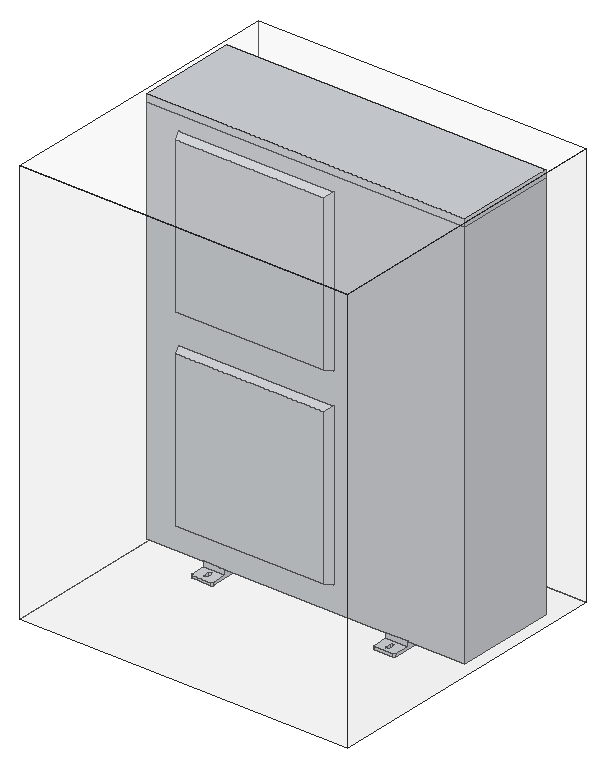
Revit family "puz-hrmp80160ka8_60hz", category 機械設備, Revit 2019 (continued)
Definition of nested family "PUZ-ZRMP-3"
  Dimensions and locks
    aligned and locked: plane 50 to curve 2
    aligned and locked: plane 50 to curve 20
    aligned and locked: plane 57 to Extrusion 5 sketch curve
    aligned and locked: plane 53 to Extrusion 5 sketch curve
    aligned and locked: plane 58 to Extrusion 6 sketch curve
    aligned and locked: plane 56 to Extrusion 6 sketch curve
    aligned and locked: plane 61 to Extrusion 7 sketch curve
    aligned and locked: plane 54 to Extrusion 7 sketch curve
    aligned and locked: plane 55 to Extrusion 7
    aligned and locked: Extrusion 7 to plane 62
    aligned and locked: plane 64 to Extrusion 6
    aligned and locked: plane 63 to Extrusion 5
    aligned and locked: Extrusion 6 to plane 60
    aligned and locked: Extrusion 5 to plane 59
    aligned and locked: plane 66 to Extrusion 8 sketch curve
    aligned and locked: plane 65 to Extrusion 8 sketch curve
    aligned and locked: Extrusion 8 to plane 60
    aligned and locked: plane 64 to Extrusion 8
    aligned and locked: Blend 9 sketch curve to plane 71
    aligned and locked: Blend 9 sketch curve to plane 72
    aligned and locked: Blend 9 sketch curve to plane 42
    aligned and locked: Blend 9 sketch curve to plane 41
    aligned and locked: plane 45 to Blend 9 sketch curve
    aligned and locked: Blend 9 sketch curve to plane 46
    aligned and locked: Blend 9 sketch curve to plane 73
    aligned and locked: plane 74 to Blend 9 sketch curve
    aligned and locked: Blend 9 to plane 8
    aligned and locked: plane 38 to Blend 9
    aligned and locked: plane 22 to Extrusion 10 sketch curve
    aligned and locked: plane 21 to Extrusion 10 sketch curve
    aligned and locked: Extrusion 10 sketch curve to Extrusion 1  (x4)
    aligned and locked: Extrusion 10 sketch curve to plane 23
    aligned and locked: Extrusion 10 sketch curve to plane 20
    aligned and locked: plane 24 to Extrusion 10
    aligned and locked: Extrusion 10 to level
    aligned and locked: plane 25 to Extrusion 11
    aligned and locked: Extrusion 11 to plane 26
    aligned and locked: Masking region 1 sketch curve to Extrusion 3  (x4)
    aligned and locked: Masking region 1 sketch curve to cut or joined group of Extrusion 1, Extrusion 10  (x8)
    aligned and locked: Masking region 1 sketch curve to Blend 9  (x3)
    aligned and locked: plane 51 to Extrusion 11 sketch curve
    aligned and locked: plane 52 to Extrusion 11 sketch curve
    aligned and locked: plane 76 to Extrusion 11 sketch curve
    aligned and locked: plane 77 to Extrusion 11 sketch curve
    aligned and locked: plane 78 to Extrusion 11 sketch curve
    aligned and locked: plane 79 to Extrusion 11 sketch curve
    aligned and locked: plane 75 to Extrusion 11 sketch curve  (x4)
  Automatic sketch dimensions
    plane 7 to Extrusion 1 sketch curve = 0 mm  (x2)
    Extrusion 1 sketch curve to plane 18 = 0 mm
    plane 8 to Extrusion 1 sketch curve = 0 mm  (x2)
    Extrusion 1 sketch curve to plane 19 = 0 mm
    Extrusion 1 sketch curve to plane 20 = 0 mm
    Extrusion 1 sketch curve to plane 21 = 0 mm
    curve 187 to curve 188 = 40 mm
    curve 186 to curve 190 = 13.333 mm
    curve 190 to curve 190 = 40 mm
    curve 186 to curve 193 = 0 mm
    curve 186 to curve 188 = 40 mm
    curve 188 to curve 191 = 0 mm
    curve 179 to curve 180 = 40 mm
    curve 178 to curve 182 = 120 mm
    curve 182 to curve 182 = 40 mm
    curve 178 to curve 185 = 0 mm
    curve 178 to curve 180 = 40 mm
    curve 182 to curve 183 = 40 mm
    curve 25 to plane 45 = 0 mm
    curve 24 to plane 45 = 0 mm
    curve 22 to plane 45 = 0 mm
    curve 23 to plane 45 = 0 mm
    curve 26 to plane 45 = 0 mm
    curve 21 to plane 45 = 0 mm
    curve 24 to plane 46 = 0 mm
    curve 25 to plane 46 = 0 mm
    curve 26 to plane 46 = 0 mm
    curve 23 to plane 46 = 0 mm
    curve 22 to plane 46 = 0 mm
    curve 21 to plane 46 = 0 mm
    curve 37 to plane 48 = 0 mm
    curve 52 to plane 48 = 0 mm
    curve 51 to plane 48 = 0 mm
    curve 50 to plane 48 = 0 mm
    curve 49 to plane 48 = 0 mm
    curve 48 to plane 48 = 0 mm
    curve 47 to plane 48 = 0 mm
    curve 46 to plane 48 = 0 mm
    curve 45 to plane 48 = 0 mm
    curve 44 to plane 48 = 0 mm
    curve 43 to plane 48 = 0 mm
    curve 42 to plane 48 = 0 mm
    curve 41 to plane 48 = 0 mm
    curve 27 to plane 48 = 0 mm
    curve 28 to plane 48 = 0 mm
    curve 40 to plane 48 = 0 mm
    curve 39 to plane 48 = 0 mm
    curve 29 to plane 48 = 0 mm
    curve 38 to plane 48 = 0 mm
    curve 30 to plane 48 = 0 mm
    curve 53 to plane 48 = 0 mm
    curve 31 to plane 48 = 0 mm
    curve 36 to plane 48 = 0 mm
    curve 32 to plane 48 = 0 mm
    curve 35 to plane 48 = 0 mm
    curve 33 to plane 48 = 0 mm
    curve 34 to plane 48 = 0 mm
    curve 28 to plane 47 = 0 mm
    curve 41 to plane 47 = 0 mm
    curve 27 to plane 47 = 0 mm
    curve 42 to plane 47 = 0 mm
    curve 31 to plane 47 = 0 mm
    curve 40 to plane 47 = 0 mm
    curve 37 to plane 47 = 0 mm
    curve 39 to plane 47 = 0 mm
    curve 32 to plane 47 = 0 mm
    curve 45 to plane 47 = 0 mm
    curve 36 to plane 47 = 0 mm
    curve 46 to plane 47 = 0 mm
    curve 43 to plane 47 = 0 mm
    curve 47 to plane 47 = 0 mm
    curve 29 to plane 47 = 0 mm
    curve 48 to plane 47 = 0 mm
    curve 30 to plane 47 = 0 mm
    curve 49 to plane 47 = 0 mm
    curve 44 to plane 47 = 0 mm
    curve 50 to plane 47 = 0 mm
    curve 33 to plane 47 = 0 mm
    curve 51 to plane 47 = 0 mm
    curve 35 to plane 47 = 0 mm
    curve 52 to plane 47 = 0 mm
    curve 38 to plane 47 = 0 mm
    curve 53 to plane 47 = 0 mm
    curve 34 to plane 47 = 0 mm
    plane 13 to curve 304 = 138 mm
    curve 304 to plane 46 = 0 mm
    curve 307 to plane 45 = 0 mm
    curve 306 to plane 45 = 0 mm
    curve 303 to plane 45 = 0 mm
    curve 308 to plane 45 = 0 mm
    curve 303 to plane 46 = 0 mm
    curve 306 to plane 46 = 0 mm
    curve 307 to plane 46 = 0 mm
    curve 308 to plane 46 = 0 mm
    curve 309 to plane 45 = 0 mm
    curve 309 to plane 46 = 0 mm
    curve 305 to plane 74 = 0 mm
    curve 305 to plane 73 = 0 mm
    curve 310 to plane 74 = 0 mm
    curve 310 to plane 73 = 0 mm
    curve 311 to plane 73 = 0 mm
    curve 311 to plane 74 = 0 mm
    curve 312 to plane 74 = 0 mm
    curve 312 to plane 73 = 0 mm
    curve 313 to plane 74 = 0 mm
    curve 313 to plane 73 = 0 mm
    curve 314 to plane 73 = 0 mm
    curve 314 to plane 74 = 0 mm
    curve 315 to plane 74 = 0 mm
    curve 315 to plane 73 = 0 mm
    curve 316 to plane 73 = 0 mm
    curve 316 to plane 74 = 0 mm
    curve 317 to plane 74 = 0 mm
    curve 317 to plane 73 = 0 mm
    curve 318 to plane 74 = 0 mm
    curve 318 to plane 73 = 0 mm
    curve 319 to plane 74 = 0 mm
    curve 319 to plane 73 = 0 mm
    curve 320 to plane 74 = 0 mm
    curve 320 to plane 73 = 0 mm
    curve 321 to plane 74 = 0 mm
    curve 321 to plane 73 = 0 mm
    curve 322 to plane 73 = 0 mm
    curve 322 to plane 74 = 0 mm
    curve 323 to plane 73 = 0 mm
    curve 323 to plane 74 = 0 mm
    curve 324 to plane 73 = 0 mm
    curve 324 to plane 74 = 0 mm
    curve 325 to plane 74 = 0 mm
    curve 325 to plane 73 = 0 mm
    curve 326 to plane 74 = 0 mm
    curve 326 to plane 73 = 0 mm
    curve 327 to plane 74 = 0 mm
    curve 327 to plane 73 = 0 mm
    curve 328 to plane 74 = 0 mm
    curve 328 to plane 73 = 0 mm
    curve 329 to plane 74 = 0 mm
    curve 329 to plane 73 = 0 mm
    curve 330 to plane 74 = 0 mm
    curve 330 to plane 73 = 0 mm
    curve 331 to plane 74 = 0 mm
    curve 331 to plane 73 = 0 mm
    curve 332 to plane 73 = 0 mm
    curve 332 to plane 74 = 0 mm
    curve 333 to plane 74 = 0 mm
    curve 333 to plane 73 = 0 mm
    curve 334 to plane 73 = 0 mm
    curve 334 to plane 74 = 0 mm
    curve 335 to plane 74 = 0 mm
    curve 335 to plane 73 = 0 mm
    Extrusion 10 sketch curve to plane 18 = 0 mm  (x2)
    plane 8 to Extrusion 10 sketch curve = 0 mm
    plane 23 to Extrusion 10 sketch curve = 0 mm
    plane 22 to Extrusion 10 sketch curve = 0 mm  (x3)
    plane 16 to Extrusion 10 sketch curve = 0 mm  (x3)
    plane 17 to Extrusion 10 sketch curve = 0 mm  (x3)
    Extrusion 10 sketch curve to plane 15 = 0 mm  (x2)
    Extrusion 10 sketch curve to plane 19 = 0 mm  (x2)
    Extrusion 10 sketch curve to plane 14 = 0 mm  (x2)
    plane 7 to Extrusion 10 sketch curve = 0 mm
    Extrusion 10 sketch curve to plane 18 = 5 mm
    plane 15 to Extrusion 10 sketch curve = 6 mm  (x2)
    plane 19 to Extrusion 10 sketch curve = 5 mm
    Extrusion 10 sketch curve to plane 20 = 5 mm
    plane 14 to Extrusion 10 sketch curve = 6 mm  (x2)
    plane 21 to Extrusion 10 sketch curve = 5 mm
    plane 38 to Extrusion 10 sketch curve = 10 mm  (x2)
    plane 19 to Masking region 1 sketch curve = 0 mm
    plane 21 to Masking region 1 sketch curve = 0 mm
    plane 7 to Masking region 1 sketch curve = 0 mm  (x2)
    Masking region 1 sketch curve to plane 20 = 0 mm
    Masking region 1 sketch curve to plane 18 = 0 mm
    plane 8 to Masking region 1 sketch curve = 0 mm  (x2)
    plane 38 to Masking region 1 sketch curve = 0 mm
    curve 352 to plane 6 = 0 mm
    plane 7 to curve 352 = 0 mm
    curve 353 to plane 18 = 0 mm
    curve 348 to plane 18 = 0 mm
    plane 8 to curve 346 = 0 mm
    curve 354 to plane 19 = 0 mm
    curve 347 to plane 19 = 0 mm
    curve 345 to plane 41 = 0 mm
    plane 38 to curve 344 = 0 mm
    curve 344 to plane 46 = 0 mm
    curve 357 to plane 20 = 0 mm
    curve 343 to plane 20 = 0 mm
    curve 358 to plane 21 = 0 mm
    curve 341 to plane 21 = 0 mm
    curve 339 to plane 45 = 0 mm
    curve 339 to plane 42 = 0 mm
    curve 337 to plane 5 = 0 mm
    plane 22 to curve 354 = 0 mm
    plane 22 to curve 358 = 0 mm
    plane 23 to curve 342 = 0 mm
    plane 23 to curve 347 = 0 mm
    curve 11 to plane 65 = 6 mm
    plane 18 to curve 352 = 28.157 mm
    plane 15 to curve 346 = 0.043 mm
    plane 21 to curve 338 = 11.963 mm
    curve 336 to plane 21 = 9.073 mm
    curve 344 to plane 21 = 22.105 mm
    plane 28 to curve 3 = 5 mm
    curve 3 to plane 45 = 38 mm
    curve 1 to plane 45 = 38 mm
    curve 3 to curve 5 = 0 mm
    curve 4 to plane 29 = 5 mm
    curve 372 to plane 65 = 6 mm
    plane 65 to curve 376 = 9 mm
    curve 12 to plane 65 = 6 mm
    curve 20 to plane 53 = 4 mm
    curve 2 to curve 16 = 15 mm
    plane 51 to curve 15 = 5 mm
Definition of nested family "固定点"
  Parameters (values of type "固定点")
    中心円 = if(W > 599 mm, 12 mm, 10 mm)  # 12 mm
    W = 1000 mm
    D = 1000 mm
  Reference planes
    plane 1 "中心(正面/背面)": y = 0
    plane 2: z = 0
    plane 3 "中心(左/右)": x = 0
    plane 4: x = 1000
    plane 5: y = 1000
  Lines and regions (mm)
    symbolic lines, detail levels fine
      curve 1: circle (0, 1000, 0) r 6 normal (0, 0, 1)
      curve 2: circle (0, 0, 0) r 6 normal (0, 0, 1)
      curve 3: circle (1000, 1000, 0) r 6 normal (0, 0, 1)
      curve 4: circle (1000, 0, 0) r 6 normal (0, 0, 1)
      curve 5: line (-200, 1000, 0) -> (1200, 1000, 0)
      curve 6: line (-200, 0, 0) -> (1200, 0, 0)
      curve 7: line (0, 1200, 0) -> (0, -200, 0)
      curve 8: line (1000, 1200, 0) -> (1000, -200, 0)
  Dimensions and locks
    "W": plane 3 "中心(左/右)" to plane 4
    "D": plane 1 "中心(正面/背面)" to plane 5
    "中心円": diameter of curve 1
    "中心円": diameter of curve 2
    "中心円": diameter of curve 3
    "中心円": diameter of curve 4
    aligned and locked: level to plane 2
    aligned and locked: plane 5 to curve 1
    aligned and locked: plane 3 "中心(左/右)" to curve 1
    aligned and locked: plane 3 "中心(左/右)" to curve 2
    aligned and locked: plane 1 "中心(正面/背面)" to curve 2
    aligned and locked: plane 4 to curve 3
    aligned and locked: plane 5 to curve 3
    aligned and locked: plane 1 "中心(正面/背面)" to curve 4
    aligned and locked: plane 4 to curve 4
    aligned and locked: plane 1 "中心(正面/背面)" to curve 6
    aligned and locked: curve 7 to plane 3 "中心(左/右)"
    aligned and locked: curve 8 to plane 4
  Automatic sketch dimensions
    curve 5 to plane 5 = 0 mm
    curve 6 to plane 3 "中心(左/右)" = 200 mm
    curve 5 to plane 3 "中心(左/右)" = 200 mm
    curve 4 to curve 6 = 200 mm
    curve 3 to curve 5 = 200 mm
    plane 1 "中心(正面/背面)" to curve 8 = 200 mm
    plane 1 "中心(正面/背面)" to curve 7 = 200 mm
    curve 3 to curve 8 = 200 mm
    curve 1 to curve 7 = 200 mm
Types (4, lengths in mm): name | 音響パワーレベル_暖房 (dB) | 音響パワーレベル_冷房 (dB) | 音響パワーレベル(dB) | 電動機出力_圧縮機 | 消費電力_暖房 | 消費電力_冷房 | 消費電力 | 構成品番 | 暖房能力 | 推奨ブレーカー容量 | 冷房能力 | URL
  室外機_PUZ-HRMP80KA8 (-BS_BSG) | 68 | 66 | 68 | 1.5 kW | 1.92 kW | 1.77 kW | 1.92 kW | "PUZ-HRMP80KA8 (-BS,-BSG)" | 8 kW | 30 A | 7.1 kW | "https://www.mitsubishielectric.co.jp/ldg/wink/ssl/top.do"
  室外機_PUZ-HRMP112KA8 (-BS_BSG) | 69 | 66 | 69 | 2.1 kW | 2.69 kW | 2.5 kW | 2.69 kW | "PUZ-HRMP112KA8 (-BS,-BSG)" | 11.2 kW | 30 A | 10 kW | "https://www.mitsubishielectric.co.jp/ldg/wink/ssl/top.do\""
  室外機_PUZ-HRMP140KA8 (-BS_BSG) | 69 | 68 | 69 | 2.7 kW | 3.82 kW | 3.69 kW | 3.82 kW | "PUZ-HRMP140KA8 (-BS,-BSG)" | 14 kW | 40 A | 12.5 kW | "https://www.mitsubishielectric.co.jp/ldg/wink/ssl/top.do"
  室外機_PUZ-HRMP160KA8 (-BS_BSG) | 71 | 69 | 71 | 3.1 kW | 4.49 kW | 4.7 kW | 4.7 kW | "PUZ-HRMP160KA8 (-BS,-BSG)" | 16 kW | 40 A | 14 kW | "https://www.mitsubishielectric.co.jp/ldg/wink/ssl/top.do"
